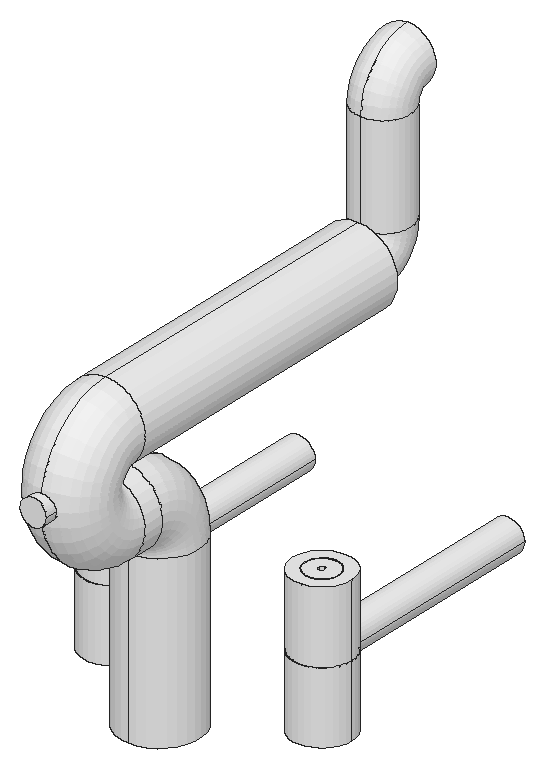
Revit family "Trap_Protectors-Zurn-Z8946-3-NT", category Plumbing Fixtures, host Face, Revit 2022
Family settings
  Host = Face
  Round Connector Dimension = Use Radius
  Part Type = Normal
  OmniClass Number = 23.45.55.21
  OmniClass Title = Drains (Wastes)
  Cut with Voids When Loaded = No
  Maintain Annotation Orientation = No
  Shared = No
  Room Calculation Point = No
Parameters (values of type "Z8946-3-NT (PROTECTOR COMBINATION KIT)")
  Waste Connection = 1 = 1  # yes
  WFU = 1  # constant formula
  Vent Connection = 1 = 0  # no
  URL = "https://www.zurn.com/"
  Trap Protector Height = 13.500"  # constant formula
  Trap Outlet pipe Length = 8.250"  # constant formula
  Supply Stop Protector = 5.500"  # constant formula
  Supply Stop Height = 10.000"  # constant formula
  Product data URL = "https://bimobject.com/zurnindustries/product/Z8946-3-NT"
  Product Page URL = "https://www.zurn.com/products/finish-plumbing/sink-trim/traps-commercial-semicast/z8946-3-nt"
  Product Documentation Link = "https://files.zurn.com/spec-sheets/z8946-3-nt.pdf"
  Outlet Connection Size (inch) = 1.500"  # constant formula
  Modified Date = "03/27/2026"  # constant formula
  Model = "Z8946-3-NT"  # constant formula
  Manufacturer Brand = "Zurn Water, LLC"  # constant formula
  Manufacturer = "Zurn"  # constant formula
  Main Material = PVC - Zurn - White
  Offset Drain Protector Width Height = 4.625"  # constant formula
  HWFU = 0  # constant formula
  HW Connection = 1 = 0  # no
  Description = "PROTECTOR COMBINATION KIT: ONE TRAP PROTECTOR, TWO SUPPLY STOP\r\nPROTECTORS AND ONE OFFSET DRAIN PROTECTOR"  # constant formula
  Default Elevation = 48.000"
  Date Created = "03/27/2026"  # constant formula
  Offset Drain Protector Width = 8.375"  # constant formula
  CWFU = 0  # constant formula
  CW Connection = 1 = 0  # no
  Assembly Code = "D2010"
  ADA Compliant = 1 = 1  # yes
Reference planes
  plane 1 "Center (Front/Back)": y = 0
  plane 2: z = 0
  plane 3 "Center (Left/Right)": x = 0
Lines and regions (mm)
  Masking region 1
    outline origin (0, 0, 0) x (1, 0, 0) y (0, 0, 1)
      loop
        arc (0, 477.838) -> (-19.083, 469.933) -> (-26.987, 450.85) r 26.987
        line (-26.987, 450.85) -> (-26.988, 318.994)
        arc (-26.988, 318.994) -> (-35.212, 306.65) -> (-38.1, 292.1) r 38.1
        line (-38.1, 292.1) -> (-38.1, 0) -> (38.1, 0) -> (38.1, 292.1)
        arc (38.1, 292.1) -> (35.212, 306.65) -> (26.987, 318.994) r 38.1
        line (26.987, 318.994) -> (26.987, 450.85)
        arc (26.987, 450.85) -> (19.083, 469.933) -> (0, 477.838) r 26.987
  symbolic lines, detail levels coarse+fine
    curve 1: arc (0, 0, 423.863) -> (-26.987, 0, 450.85) -> (0, 0, 477.838) r 26.987
    curve 2: arc (0, 0, 477.838) -> (26.987, 0, 450.85) -> (0, 0, 423.863) r 26.987
  symbolic lines, detail levels fine
    curve 3: arc (-26.988, 0, 318.994) -> (-35.187, 0, 277.489) -> (0, 0, 254) r 38.1
    curve 4: arc (0, 0, 254) -> (35.187, 0, 277.489) -> (26.987, 0, 318.994) r 38.1
Dimensions and locks
  locked: host sketch curve to host sketch curve at 2432.816
  locked: host sketch curve to host sketch curve at 2438.4
  locked: Masking region 1 sketch curve to Masking region 1 sketch curve  (x5)
  locked: Masking region 1 sketch curve to level  (x2)
  locked: Masking region 1 sketch curve to plane 3 "Center (Left/Right)"  (x2)
  locked: Masking region 1 sketch curve to Masking region 1 sketch curve at 26.987
  locked: Masking region 1 sketch curve to Masking region 1 sketch curve at 11.112
  locked: Masking region 1 sketch curve to Masking region 1 sketch curve at 11.113
  locked: Masking region 1 sketch curve to Masking region 1 sketch curve at 292.1
  locked: Masking region 1 sketch curve to Masking region 1 sketch curve at 131.856
  locked: curve 1 to curve 2  (x2)
  locked: curve 3 to curve 4
  locked: curve 1 to plane 3 "Center (Left/Right)"
  locked: curve 2 to plane 3 "Center (Left/Right)"  (x2)
  locked: curve 3 to curve 2 at 158.75
  locked: curve 3 to plane 3 "Center (Left/Right)" at 26.988
  locked: plane 3 "Center (Left/Right)" to curve 4 at 26.987
  locked: curve 1 to curve 1 at 26.988
  aligned and locked: plane 2 to host face
  aligned and locked: level to host face
  aligned and locked: plane 3 "Center (Left/Right)" to nested 1
  aligned and locked: nested 1 to plane 1 "Center (Front/Back)"
  aligned and locked: level to nested 1
  aligned and locked: curve 4 to nested 1
Nested families
  nested 1: "Z8946-3-NT" at (0, -172.408, 292.1) x (1, 0, 0) z (0, 1, 0), type "Z8946-3-NT"
Connectors
  piping at (0, -69.85, 0), diameter 76.2
    settings: on nested 1, index 1, connector inside diameter 24", connector length 0.000", flow factor 0, pipe flow 0 GPM, pressure drop 0.00 psi, fitting loss kfactor 0, connector angle 0.00°, fixture units 0, engagement length 0.000", angle of deflection 0.00°, flow configuration 0, flow direction 0, fitting loss method 0, system type 7, joint type 0, gender type 0, connector reference index -1, connector utility 0, adjustable connector no, is connector primary yes, connector description ""
Definition of nested family "Z8946-3-NT"
  Parameters (values of type "Z8946-3-NT")
    Repair Parts URL = ""
    Product data URL = ""
    Product Weight (lbs) = 0
    Product Page URL = ""
    Product Installation Sheet URL = ""
    Product Documentation Link = ""
    Operating Water Pressure (PSI) = ""
    Modified Date = ""
    Max Working Water Temperature = -459.67 °F
    Manufacturer Brand = ""
    Main Material = none
    Inlet Connection Size (inch) = 0.000"
    Flow Rate (GPM) = 0 GPM
    Default Elevation = 48.000"
    Date Created = ""
  Reference planes
    plane 1 "Center (Front/Back)": y = 0
    plane 2: z = 0
    plane 3 "Center (Left/Right)": x = 0
    plane 4: z = 342.9
    plane 5: y = 292.1
    plane 6: x = -101.6
    plane 7: x = 101.6
    plane 8: z = 102.558
    plane 9: z = 172.408
  Dimensions and locks
    plane 4 to level = 13.500"
    nested 1 to plane 8 = 1.500"
    plane 9 to plane 8 = 2.750"
    aligned and locked: plane 2 to level
    aligned and locked: plane 1 "Center (Front/Back)" to nested 2
    aligned and locked: plane 1 "Center (Front/Back)" to nested 1
    aligned and locked: plane 4 to nested 1
    aligned and locked: plane 3 "Center (Left/Right)" to nested 2
    aligned and locked: plane 3 "Center (Left/Right)" to nested 1
    aligned and locked: plane 5 to nested 1
    aligned and locked: plane 5 to nested 3
    aligned and locked: nested 4 to nested 3
    aligned and locked: nested 2 to plane 4
  Nested families
    nested 1: "Trap_Protectors-Zurn" at (0, 292.1, 93.991), type "Z8946-1-NT"
    nested 2: "Offset_Drain_Protectors-Zurn" at (0, 0, 364.495), type "Z8946-1-NT"
    nested 3: "Supply_Protectors-Zurn" at (-101.6, 152.4, 163.841), type "Z8946-1-NT"
    nested 4: "Supply_Protectors-Zurn" at (101.6, 152.4, 163.841), type "Z8946-1-NT"
  Definition of nested family "Trap_Protectors-Zurn"
    Parameters (values of type "Z8946-1-NT")
      Waste Connection = no
      Vent Connection = no
      URL = "http://www.zurn.com"
      Type Comments = "ADA compliant, antimicrobial trap protector"
      Trap Top of Fitting = 3.875"
      Product data url = "https://bimobject.com/zurnindustries/product/zurn-z8946-3"
      Product Documentation Link = "http://www.zurn.com/Pages/ProductDetails.aspx?NodeKey=377030"
      Pipe Enclosure Material = none
      Outlet Radius = Outlet Diameter * 0.5  # 1.500"
      Outlet End from Centerline = 8.250"
      Outlet Diameter = 3.000"
      Model = "Z8946-1-NT"
      Manufacturer = "Zurn Industries, LLC"  # constant formula
      Inlet Radius = Inlet Diameter * 0.5  # 1.500"
      Inlet Diameter = Outlet Diameter  # 3.000"
      HW Connection = no
      Designation = "Drainage (Tubular)"  # constant formula
      Description = "Trap Protector"  # constant formula
      Default Elevation = 0.000"
      CW Connection = no
      Bottom of Trap Radius = 0.500"
      Bend Diameter = 3.250"
      Assembly Code = "D2030100"
      ADA Compliant = yes
    Types (2): name | Product Documentation Link | Model
      Z8946-1-NT | "http://www.zurn.com/Pages/ProductDetails.aspx?NodeKey=377030" | "Z8946-1-NT"
      Z8946-3-NT | "http://www.zurn.com/Pages/ProductDetails.aspx?NodeKey=377032" | "Z8946-3-NT"
    Reference planes
      plane 1 "Center (Front/Back)": y = 0
      plane 2: z = 8.567
      plane 3 "Center (Left/Right)": x = 0
      plane 4 "Outlet Up Centerline": y = -209.55
      plane 5: z = -106.691
      plane 6: y = -250.825
      plane 7 "Inlet Centerline": y = -292.1
      plane 8: z = -144.791
      plane 9: z = -56.849
      plane 10: y = -330.2
      plane 11: y = -254
      plane 12 "Width Left": x = -38.1
      plane 13 "Width Right": x = 38.1
      plane 14: z = -46.366
      plane 15 "Trap Horizontal Centerline": z = -99.547
      plane 16 "Outlet Up Left": y = -247.65
      plane 17 "Outlet Up Right": y = -171.45
      plane 18 "Outlet Top": z = 46.667
      plane 19 "Outlet Bottom": z = -29.533
      plane 20: z = -35.883
      plane 21: y = -165.1
      plane 22: x = 20.097
      plane 23: x = -20.097
      plane 24: y = -292.1
      plane 25: z = 248.909
    Forms (mm)
      Sweep 1, solid, material <- "Pipe Enclosure Material"
        path origin (0, 0, 0) x (0, 1, 0) y (0, 0, 1)
          loop
            line (0, 8.567) -> (-165.1, 8.567)
            arc (-165.1, 8.567) -> (-196.531, -4.452) -> (-209.55, -35.883) r 44.45
            line (-209.55, -35.883) -> (-209.55, -56.849)
            arc (-209.55, -56.849) -> (-250.825, -98.124) -> (-292.1, -56.849) r 41.275
            line (-292.1, -56.849) -> (-292.1, 248.909)
        profile origin (0, -82.55, 8.567) x (0, 0, -1) y (1, 0, 0)
          loop
            circle (0, 0) r 38.1
      Extrusion 2, solid, material <- "Pipe Enclosure Material"
        sketch origin (0, 0, 8.567) x (1, 0, 0) y (0, 1, 0)
          loop
            circle (0, -250.825) r 12.7
        from -153.358 to -115.258
    Lines and regions (mm)
      Masking region 1, detail levels medium+fine
        outline origin (0, 0, -50.8) x (0, 1, 0) y (0, 0, 1)
          loop
            line (-263.525, -93.991) -> (-238.125, -93.991) -> (-238.125, -84.401)
            arc (-238.125, -84.401) -> (-250.825, -85.424) -> (-263.525, -84.401) r 79.375
            line (-263.525, -84.401) -> (-263.525, -93.991)
    Dimensions and locks
      equal spacing: plane 7 "Inlet Centerline", plane 6, plane 4 "Outlet Up Centerline"
      equal spacing: plane 10, plane 7 "Inlet Centerline", plane 11
      "Inlet Radius": plane 3 "Center (Left/Right)" to plane 12 "Width Left"
      "Inlet Radius": plane 13 "Width Right" to plane 3 "Center (Left/Right)"
      equal spacing: plane 12 "Width Left", plane 3 "Center (Left/Right)", plane 13 "Width Right"
      "Inlet Diameter": plane 10 to plane 11
      "Bend Diameter": plane 7 "Inlet Centerline" to plane 4 "Outlet Up Centerline"
      equal spacing: plane 16 "Outlet Up Left", plane 4 "Outlet Up Centerline", plane 17 "Outlet Up Right"
      "Outlet Diameter": plane 16 "Outlet Up Left" to plane 17 "Outlet Up Right"
      equal spacing: plane 18 "Outlet Top", plane 2, plane 19 "Outlet Bottom"
      "Outlet Diameter": plane 18 "Outlet Top" to plane 19 "Outlet Bottom"
      "Outlet End from Centerline": plane 4 "Outlet Up Centerline" to plane 1 "Center (Front/Back)"
      "Trap Top of Fitting": plane 14 to plane 8
      equal spacing: plane 9, plane 14, plane 20
      locked: plane 17 "Outlet Up Right" to plane 21 at 6.35
      locked: plane 20 to plane 19 "Outlet Bottom" at 6.35
      equal spacing: plane 22, plane 3 "Center (Left/Right)", plane 23
      plane 25 to plane 8 = 15.500"
      "Bottom of Trap Radius": radius of Extrusion 2 sketch curve
      "Outlet Radius": radius of Sweep 1 sketch curve
      aligned and locked: plane 9 to Sweep 1 sketch curve
      aligned and locked: plane 1 "Center (Front/Back)" to Sweep 1 sketch curve
      aligned and locked: plane 4 "Outlet Up Centerline" to Sweep 1 sketch curve  (x2)
      aligned and locked: plane 2 to Sweep 1 sketch curve
      aligned and locked: Extrusion 2 to plane 8
      aligned and locked: plane 5 to Extrusion 2
      aligned and locked: Sweep 1 sketch curve to plane 7 "Inlet Centerline"
      aligned and locked: plane 3 "Center (Left/Right)" to Extrusion 2 sketch curve
      aligned and locked: plane 6 to Extrusion 2 sketch curve
      aligned and locked: plane 21 to Sweep 1 sketch curve
      aligned and locked: Masking region 1 sketch curve to Extrusion 2
      aligned and locked: plane 2 to level
      aligned and locked: plane 25 to Sweep 1
    Automatic sketch dimensions
      Masking region 1 sketch curve to plane 11 = 0.375"
      plane 10 to Masking region 1 sketch curve = 2.625"
      Masking region 1 sketch curve to plane 16 "Outlet Up Left" = 0.375"
      plane 18 "Outlet Top" to Sweep 1 sketch curve = 7.96229"
      Sweep 1 sketch curve to plane 3 "Center (Left/Right)" = 0.000"
      Sweep 1 sketch curve to profile plane = 0.000"
  Definition of nested family "Offset_Drain_Protectors-Zurn"
    Parameters (values of type "Z8946-1-NT")
      Width = Outlet Diameter  # 2.125"
      Waste Connection = no
      Vent Connection = no
      URL = "http://www.zurn.com"
      Type Comments = "ADA compliant, antimicrobial trap protector"
      Product data url = "https://bimobject.com/zurnindustries/product/zurn-z8946-3"
      Product Documentation Link = "http://www.zurn.com/Pages/ProductDetails.aspx?NodeKey=377030"
      Pipe Enclosure Material = none
      Outlet Radius = Outlet Diameter * 0.5  # 1.0625"
      Outlet End from Centerline = 2.750"  # constant formula
      Outlet Diameter = 2.125"  # constant formula
      Model = "Z8946-1-NT"
      Manufacturer = "Zurn Industries, LLC"  # constant formula
      Length = 8.375"  # constant formula
      Inlet Radius = Inlet Diameter * 0.5  # 1.0625"
      Inlet Diameter = Outlet Diameter  # 2.125"
      Height = 4.625"  # constant formula
      HW Connection = no
      Designation = "Drainage (Tubular)"  # constant formula
      Description = "Trap Offset Protector"  # constant formula
      Default Elevation = 0.000"
      CW Connection = no
      Assembly Code = "D2030100"
      ADA Compliant = yes
    Types (2): name | Product Documentation Link | Model
      Z8946-1-NT | "http://www.zurn.com/Pages/ProductDetails.aspx?NodeKey=377030" | "Z8946-1-NT"
      Z8946-3-NT | "http://www.zurn.com/Pages/ProductDetails.aspx?NodeKey=377032" | "Z8946-3-NT"
    Reference planes
      plane 1 "Center (Front/Back)": y = 0
      plane 2: z = 8.567
      plane 3 "Center (Left/Right)": x = 0
      plane 4 "Inlet Centerline": y = -158.75
      plane 5 "Inlet Top": z = 38.73
      plane 6 "Inlet Left": y = -185.737
      plane 7 "Inlet Right": y = -131.762
      plane 8 "Width Left": x = -26.987
      plane 9 "Width Right": x = 26.988
      plane 10: x = 26.988
      plane 11: x = -26.987
      plane 12: x = 26.988
      plane 13: x = -26.987
      plane 14: z = 35.555
      plane 15: z = -18.42
      plane 16: y = -26.988
      plane 17: y = 26.987
      plane 18 "Outlet Bottom": z = -78.745
      plane 19 "Inlet Vertical Centerline": y = -128.587
      plane 20 "Outlet Horizontal Centerline": y = -30.163
      plane 21 "Outlet Vertical Centerline": z = -21.595
    Forms (mm)
      Sweep 1, solid, material <- "Pipe Enclosure Material"
        path origin (0, 0, 0) x (0, 1, 0) y (0, 0, 1)
          loop
            arc (-158.75, 38.73) -> (-149.916, 17.402) -> (-128.587, 8.567) r 30.163
            line (-128.587, 8.567) -> (-30.163, 8.567)
            arc (-30.163, 8.567) -> (-8.834, -0.267) -> (0, -21.595) r 30.162
            line (0, -21.595) -> (0, -78.745)
        profile origin (0, -79.375, 8.567) x (0, 0, 1) y (1, 0, 0)
          loop
            circle (0, 0) r 26.987
    Lines and regions (mm)
      Masking region 1
        outline origin (0, 0, 8.567) x (1, 0, 0) y (0, 1, 0)
          loop
            line (-26.987, 0) -> (-26.987, -158.75)
            arc (-26.987, -158.75) -> (0, -131.762) -> (26.988, -158.75) r 26.988
            line (26.988, -158.75) -> (26.988, 0)
            arc (26.988, 0) -> (0, 26.988) -> (-26.987, 0) r 26.988
    Dimensions and locks
      equal spacing: plane 6 "Inlet Left", plane 4 "Inlet Centerline", plane 7 "Inlet Right"
      "Inlet Radius": plane 3 "Center (Left/Right)" to plane 8 "Width Left"
      "Inlet Radius": plane 9 "Width Right" to plane 3 "Center (Left/Right)"
      equal spacing: plane 8 "Width Left", plane 3 "Center (Left/Right)", plane 9 "Width Right"
      "Inlet Diameter": plane 6 "Inlet Left" to plane 7 "Inlet Right"
      equal spacing: plane 10, plane 3 "Center (Left/Right)", plane 11
      "Outlet Radius": plane 3 "Center (Left/Right)" to plane 11
      equal spacing: plane 12, plane 3 "Center (Left/Right)", plane 13
      "Inlet Radius": plane 3 "Center (Left/Right)" to plane 13
      equal spacing: plane 14, plane 2, plane 15
      "Inlet Diameter": plane 14 to plane 15
      equal spacing: plane 16, plane 1 "Center (Front/Back)", plane 17
      "Outlet Diameter": plane 16 to plane 17
      locked: plane 14 to plane 5 "Inlet Top" at 3.175
      "Height": plane 18 "Outlet Bottom" to plane 5 "Inlet Top"
      "Length": plane 6 "Inlet Left" to plane 17
      locked: plane 7 "Inlet Right" to plane 19 "Inlet Vertical Centerline" at 3.175
      locked: plane 20 "Outlet Horizontal Centerline" to plane 16 at 3.175
      locked: plane 21 "Outlet Vertical Centerline" to plane 15 at 3.175
      "Inlet Radius": radius of Sweep 1 sketch curve
      aligned and locked: plane 2 to level
      aligned and locked: plane 18 "Outlet Bottom" to Sweep 1 sketch curve
      aligned and locked: profile plane to Sweep 1 sketch curve
      aligned and locked: Sweep 1 sketch curve to plane 1 "Center (Front/Back)"
      aligned and locked: plane 21 "Outlet Vertical Centerline" to Sweep 1 sketch curve  (x2)
      aligned and locked: Sweep 1 sketch curve to plane 2
      aligned and locked: plane 19 "Inlet Vertical Centerline" to Sweep 1 sketch curve  (x2)
      aligned and locked: plane 4 "Inlet Centerline" to Sweep 1 sketch curve
      aligned and locked: plane 5 "Inlet Top" to Sweep 1 sketch curve
      aligned and locked: plane 20 "Outlet Horizontal Centerline" to Sweep 1 sketch curve  (x2)
      aligned and locked: plane 1 "Center (Front/Back)" to Masking region 1 sketch curve  (x3)
      aligned and locked: plane 4 "Inlet Centerline" to Masking region 1 sketch curve  (x3)
      aligned and locked: Masking region 1 sketch curve to plane 12
      aligned and locked: Masking region 1 sketch curve to plane 13
      aligned and locked: plane 3 "Center (Left/Right)" to Masking region 1 sketch curve
    Automatic sketch dimensions
      Sweep 1 sketch curve to profile plane = 0.000"
  Definition of nested family "Supply_Protectors-Zurn"
    Parameters (values of type "Z8946-1-NT")
      Width = 5.500"  # constant formula
      Waste Connection = no
      Vent Connection = no
      URL = "http://www.zurn.com"
      Type Comments = "ADA compliant, antimicrobial trap protector"
      Product data url = "https://bimobject.com/zurnindustries/product/zurn-z8946-3"
      Product Documentation Link = "http://www.zurn.com/Pages/ProductDetails.aspx?NodeKey=377030"
      Pipe Enclosure Material = none
      Outlet Radius = Outlet Diameter * 0.5  # 1.125"
      Outlet End from Centerline = 2.750"  # constant formula
      Outlet Diameter = 2.250"  # constant formula
      Model = "Z8946-1-NT"
      Manufacturer = "Zurn Industries, LLC"  # constant formula
      Length = 2.250"  # constant formula
      Inlet Radius = Inlet Diameter * 0.5  # 0.625"
      Inlet Diameter = 1.250"  # constant formula
      Height = 10.000"  # constant formula
      HW Connection = no
      Designation = "Drainage (Tubular)"  # constant formula
      Description = "Supply Protector"  # constant formula
      Default Elevation = 0.000"
      CW Connection = no
      Assembly Code = "D2030100"
      ADA Compliant = yes
    Types (2): name | URL | Product Documentation Link | Model
      Z8946-1-NT | "http://www.zurn.com" | "http://www.zurn.com/Pages/ProductDetails.aspx?NodeKey=377030" | "Z8946-1-NT"
      Z8946-3-NT | "www.zurn.com" | "http://www.zurn.com/Pages/ProductDetails.aspx?NodeKey=377032" | "Z8946-3-NT"
    Reference planes
      plane 1 "Center (Front/Back)": y = 0
      plane 2: z = 8.567
      plane 3 "Center (Left/Right)": x = 0
      plane 4 "Inlet Centerline": y = -69.85
      plane 5: z = 233.992
      plane 6: y = -85.725
      plane 7: y = -53.975
      plane 8 "Width Left": x = -15.875
      plane 9 "Width Right": x = 15.875
      plane 10 "Outlet Top": z = 37.142
      plane 11 "Outlet Bottom": z = -20.008
      plane 12: x = 28.575
      plane 13: x = -28.575
      plane 14 "Outlet Left": y = -139.7
      plane 15: x = 15.875
      plane 16: x = -15.875
      plane 17: z = 24.442
      plane 18: z = -7.308
    Forms (mm)
      Extrusion 1, solid, material <- "Pipe Enclosure Material"
        sketch origin (0, 0, 8.567) x (1, 0, 0) y (0, 1, 0)
          loop
            circle (0, -69.85) r 15.875
        from 0 to 225.425
      Extrusion 2, solid, material <- "Pipe Enclosure Material"
        sketch origin (0, 0, 0) x (1, 0, 0) y (0, 0, 1)
          loop
            circle (0, 8.567) r 28.575
        from 69.85 to 139.7
      Blend 3, solid, material <- "Pipe Enclosure Material"
        base sketch origin (0, 0, 0) x (1, 0, 0) y (0, 0, 1)
          loop
            circle (0, 8.567) r 28.575
        top sketch origin (0, 0, 0) x (1, 0, 0) y (0, 0, 1)
          loop
            circle (0, 8.567) r 15.875
        from 69.85 to 0
      Extrusion 4, solid
        sketch origin (0, 0, 0) x (1, 0, 0) y (0, 0, 1)
          loop
            circle (0, 8.567) r 28.575
        from 0 to 139.7
      Extrusion 5, void
        sketch origin (0, 0, 0) x (1, 0, 0) y (0, 0, 1)
          loop
            circle (0, 8.567) r 15.875
          loop
            circle (0, 8.567) r 16.814
          loop
            circle (0, 8.567) r 3.022
        from 0 to 50.8
    Cuts and joins
      Extrusion 5 cuts Blend 3
      Extrusion 5 cuts Extrusion 4
    Lines and regions (mm)
      Masking region 1
        outline origin (0, 0, 0) x (1, 0, 0) y (0, 0, 1)
          loop
            circle (0, 8.567) r 28.575
      Masking region 2
        outline origin (0, 0, 0) x (1, 0, 0) y (0, 0, 1)
          loop
            line (15.875, 233.992) -> (-15.875, 233.992) -> (-15.875, 32.327)
            arc (-15.875, 32.327) -> (0, 37.142) -> (15.875, 32.327) r 28.575
            line (15.875, 32.327) -> (15.875, 233.992)
      symbolic lines, detail levels fine
        curve 1: circle (0, -69.85, 8.567) r 15.875 normal (0, 0, 1)
      symbolic lines, detail levels medium+fine
        curve 2: circle (0, 0, 8.567) r 15.875 normal (0, -1, 0)
    Dimensions and locks
      equal spacing: plane 6, plane 4 "Inlet Centerline", plane 7
      "Inlet Radius": plane 3 "Center (Left/Right)" to plane 8 "Width Left"
      "Inlet Radius": plane 9 "Width Right" to plane 3 "Center (Left/Right)"
      equal spacing: plane 8 "Width Left", plane 3 "Center (Left/Right)", plane 9 "Width Right"
      "Inlet Diameter": plane 6 to plane 7
      equal spacing: plane 10 "Outlet Top", plane 2, plane 11 "Outlet Bottom"
      "Outlet Diameter": plane 10 "Outlet Top" to plane 11 "Outlet Bottom"
      equal spacing: plane 12, plane 3 "Center (Left/Right)", plane 13
      "Height": plane 11 "Outlet Bottom" to plane 5
      "Outlet End from Centerline": plane 4 "Inlet Centerline" to plane 1 "Center (Front/Back)"
      "Width": plane 14 "Outlet Left" to plane 1 "Center (Front/Back)"
      "Outlet Radius": plane 3 "Center (Left/Right)" to plane 13
      equal spacing: plane 15, plane 3 "Center (Left/Right)", plane 16
      "Inlet Radius": plane 3 "Center (Left/Right)" to plane 16
      equal spacing: plane 17, plane 2, plane 18
      "Inlet Diameter": plane 17 to plane 18
      "Inlet Radius": radius of Extrusion 1 sketch curve
      "Outlet Radius": radius of Extrusion 2 sketch curve
      "Outlet Radius": radius of Blend 3 sketch curve
      "Inlet Radius": radius of Blend 3 sketch curve
      "Inlet Radius": radius of curve 1
      "Outlet Radius": radius of Masking region 1 sketch curve
      "Outlet Radius": radius of Masking region 2 sketch curve
      "Inlet Radius": radius of curve 2
      aligned and locked: plane 2 to level
      aligned and locked: plane 3 "Center (Left/Right)" to Extrusion 1 sketch curve
      aligned and locked: plane 4 "Inlet Centerline" to Extrusion 1 sketch curve
      aligned and locked: Extrusion 1 to plane 5
      aligned and locked: Extrusion 1 to plane 2
      aligned and locked: plane 3 "Center (Left/Right)" to Extrusion 2 sketch curve
      aligned and locked: level to Extrusion 2 sketch curve
      aligned and locked: plane 14 "Outlet Left" to Extrusion 2
      aligned and locked: Extrusion 2 to plane 4 "Inlet Centerline"
      aligned and locked: plane 3 "Center (Left/Right)" to Blend 3 sketch curve  (x2)
      aligned and locked: level to Blend 3 sketch curve  (x2)
      aligned and locked: Blend 3 to plane 4 "Inlet Centerline"
      aligned and locked: Blend 3 to plane 1 "Center (Front/Back)"
      aligned and locked: plane 3 "Center (Left/Right)" to curve 1
      aligned and locked: plane 4 "Inlet Centerline" to curve 1
      aligned and locked: plane 3 "Center (Left/Right)" to Masking region 1 sketch curve
      aligned and locked: level to Masking region 1 sketch curve
      aligned and locked: plane 15 to Masking region 2 sketch curve
      aligned and locked: plane 16 to Masking region 2 sketch curve
      aligned and locked: plane 5 to Masking region 2 sketch curve  (x2)
      aligned and locked: plane 3 "Center (Left/Right)" to Masking region 2 sketch curve
      aligned and locked: Extrusion 1 to Masking region 2 sketch curve
      aligned and locked: plane 2 to curve 2
      aligned and locked: plane 3 "Center (Left/Right)" to curve 2
      aligned and locked: Extrusion 4 to Extrusion 2
    Automatic sketch dimensions
      Extrusion 4 sketch curve to level = 0.000"
      Extrusion 4 sketch curve to plane 3 "Center (Left/Right)" = 0.000"
      Extrusion 5 sketch curve to Extrusion 5 sketch curve = 0.000"  (x6)
      Extrusion 5 sketch curve to level = 0.000"
      Extrusion 5 sketch curve to plane 3 "Center (Left/Right)" = 0.000"
      radius of Extrusion 4 sketch curve = 1.125"
      radius of Extrusion 5 sketch curve = 0.625"
      radius of Extrusion 5 sketch curve = 0.66197"
      radius of Extrusion 5 sketch curve = 0.11898"
